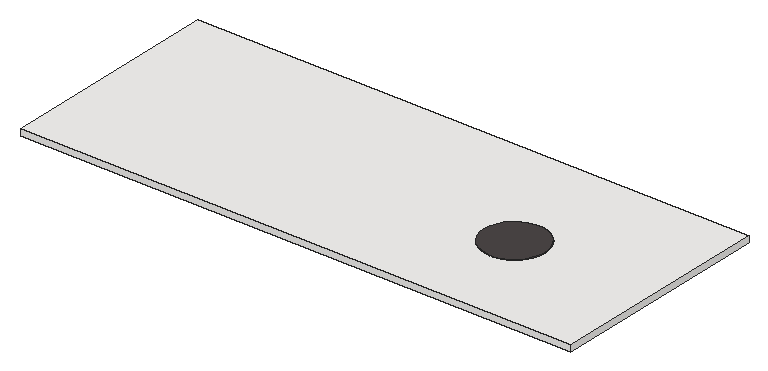
Revit family "console with cutout for bowl without tap hole", category Furniture, Revit 2019 (continued)
Types (40, lengths in mm): name | WEIGHT | SURFACE | SPECIFICATION | PRODUCTURL | PERMALINK | NB | NAME | Model | MIdent | LODLEVEL | LL | LINA | L | GTINCODE | Console 980_550 with cutout in the middle for bowl without tap hole-54114910-DIAMOND_GREY-400_RX0RY0RZ0TX0TY0TZ0_V | Console 980_550 with cutout in the middle for bowl without tap hole-54114910-DIAMOND_GREY-200_RX0RY0RZ0TX0TY0TZ0_V | Console 980_550 with cutout in the middle for bowl without tap hole-54114630-DARK_WALNUT-400_RX0RY0RZ0TX0TY0TZ0_V | Console 980_550 with cutout in the middle for bowl without tap hole-54114630-DARK_WALNUT-200_RX0RY0RZ0TX0TY0TZ0_V | Console 980_550 with cutout in the middle for bowl without tap hole-54114230-NATURAL_OAK-400_RX0RY0RZ0TX0TY0TZ0_V | Console 980_550 with cutout in the middle for bowl without tap hole-54114230-NATURAL_OAK-200_RX0RY0RZ0TX0TY0TZ0_V | Console 980_550 with cutout in the middle for bowl without tap hole-54114050-GLOSSY_WHITE-400_RX0RY0RZ0TX0TY0TZ0_V | Console 980_550 with cutout in the middle for bowl without tap hole-54114050-GLOSSY_WHITE-200_RX0RY0RZ0TX0TY0TZ0_V | Console 780_550 with cutout in the middle for bowl without tap hole-54113910-DIAMOND_GREY-400_RX0RY0RZ0TX0TY0TZ0_V | Console 780_550 with cutout in the middle for bowl without tap hole-54113910-DIAMOND_GREY-200_RX0RY0RZ0TX0TY0TZ0_V | Console 780_550 with cutout in the middle for bowl without tap hole-54113630-DARK_WALNUT-400_RX0RY0RZ0TX0TY0TZ0_V | Console 780_550 with cutout in the middle for bowl without tap hole-54113630-DARK_WALNUT-200_RX0RY0RZ0TX0TY0TZ0_V | Console 780_550 with cutout in the middle for bowl without tap hole-54113230-NATURAL_OAK-400_RX0RY0RZ0TX0TY0TZ0_V | Console 780_550 with cutout in the middle for bowl without tap hole-54113230-NATURAL_OAK-200_RX0RY0RZ0TX0TY0TZ0_V | Console 780_550 with cutout in the middle for bowl without tap hole-54113050-GLOSSY_WHITE-400_RX0RY0RZ0TX0TY0TZ0_V | Console 780_550 with cutout in the middle for bowl without tap hole-54113050-GLOSSY_WHITE-200_RX0RY0RZ0TX0TY0TZ0_V | Console 1360_550 with cutout right for bowl without tap hole-54117910-DIAMOND_GREY-400_RX0RY0RZ0TX0TY0TZ0_V | Console 1360_550 with cutout right for bowl without tap hole-54117910-DIAMOND_GREY-200_RX0RY0RZ0TX0TY0TZ0_V | Console 1360_550 with cutout right for bowl without tap hole-54117630-DARK_WALNUT-400_RX0RY0RZ0TX0TY0TZ0_V | Console 1360_550 with cutout right for bowl without tap hole-54117630-DARK_WALNUT-200_RX0RY0RZ0TX0TY0TZ0_V | Console 1360_550 with cutout right for bowl without tap hole-54117230-NATURAL_OAK-400_RX0RY0RZ0TX0TY0TZ0_V | Console 1360_550 with cutout right for bowl without tap hole-54117230-NATURAL_OAK-200_RX0RY0RZ0TX0TY0TZ0_V | Console 1360_550 with cutout right for bowl without tap hole-54117050-GLOSSY_WHITE-400_RX0RY0RZ0TX0TY0TZ0_V | Console 1360_550 with cutout right for bowl without tap hole-54117050-GLOSSY_WHITE-200_RX0RY0RZ0TX0TY0TZ0_V | Console 1360_550 with cutout left for bowl without tap hole-54116910-DIAMOND_GREY-400_RX0RY0RZ0TX0TY0TZ0_V | Console 1360_550 with cutout left for bowl without tap hole-54116910-DIAMOND_GREY-200_RX0RY0RZ0TX0TY0TZ0_V | Console 1360_550 with cutout left for bowl without tap hole-54116630-DARK_WALNUT-400_RX0RY0RZ0TX0TY0TZ0_V | Console 1360_550 with cutout left for bowl without tap hole-54116630-DARK_WALNUT-200_RX0RY0RZ0TX0TY0TZ0_V | Console 1360_550 with cutout left for bowl without tap hole-54116230-NATURAL_OAK-400_RX0RY0RZ0TX0TY0TZ0_V | Console 1360_550 with cutout left for bowl without tap hole-54116230-NATURAL_OAK-200_RX0RY0RZ0TX0TY0TZ0_V | Console 1360_550 with cutout left for bowl without tap hole-54116050-GLOSSY_WHITE-400_RX0RY0RZ0TX0TY0TZ0_V | Console 1360_550 with cutout left for bowl without tap hole-54116050-GLOSSY_WHITE-200_RX0RY0RZ0TX0TY0TZ0_V | Console 1180_550 with cutout in the middle for bowl without tap hole-54115910-DIAMOND_GREY-400_RX0RY0RZ0TX0TY0TZ0_V | Console 1180_550 with cutout in the middle for bowl without tap hole-54115910-DIAMOND_GREY-200_RX0RY0RZ0TX0TY0TZ0_V | Console 1180_550 with cutout in the middle for bowl without tap hole-54115630-DARK_WALNUT-400_RX0RY0RZ0TX0TY0TZ0_V | Console 1180_550 with cutout in the middle for bowl without tap hole-54115630-DARK_WALNUT-200_RX0RY0RZ0TX0TY0TZ0_V | Console 1180_550 with cutout in the middle for bowl without tap hole-54115230-NATURAL_OAK-400_RX0RY0RZ0TX0TY0TZ0_V | Console 1180_550 with cutout in the middle for bowl without tap hole-54115230-NATURAL_OAK-200_RX0RY0RZ0TX0TY0TZ0_V | Console 1180_550 with cutout in the middle for bowl without tap hole-54115050-GLOSSY_WHITE-400_RX0RY0RZ0TX0TY0TZ0_V | Console 1180_550 with cutout in the middle for bowl without tap hole-54115050-GLOSSY_WHITE-200_RX0RY0RZ0TX0TY0TZ0_V | BASENUMBER | ARTNR
  Console 1180_550 with cutout in the middle for bowl without tap hole-54115630-DARK_WALNUT-400 | "14.5" | "DARK_WALNUT" | "Surfaces:    - 54115050 High Gloss White  - 54115910 Diamond Matt Grey  - 54115230 Natural Oak  - 54115630 Dark Walnut      Specification:" | "https://pro.hansgrohe.com/articledetail--54115050" | "54115XXX" | "Console 1180/550 with cutout in the middle for bowl without tap hole-54115630-DARK_WALNUT-400" | "Xelu Q Console 1180/550 with cutout in the middle for bowl without tap hole" | "Console 1180/550 with cutout in the middle for bowl without tap hole-54115630-DARK_WALNUT-400" | "{$CADENAS_DATA/23d-libs/hansgrohe/xelu_furniture/console_with_cutout_for_bowl_without_tap_hole/console_with_cutout_for_bowl_without_taphole.prj},373 {VTYP=3D},{NB=Console 1180/550 with cutout in the middle for bowl without tap hole-54115630-DARK_WALNUT-400},{LINA=Console 1180/550 with cutout in the middle for bowl without tap hole-54115630-DARK_WALNUT-400},{NN=Console with cutout for bowl without tap hole},{DATE=10.03.2023 08:15:20},{GEOMDATE=08.03.2023 13:19:56},{VERSION=},{LINEID=90},{WBVAR=LODLEVEL},{WBNUMERIC=}  {NB=Console 1180/550 with cutout in the middle for bowl without tap hole-54115630-DARK_WALNUT-400},{LINA=Console 1180/550 with cutout in the middle for bowl without tap hole-54115630-DARK_WALNUT-400},{KT=DUMMY},{IDNR=9},{ARTNR=54115630},{BASENUMBER=Console 1180/550 with cutout in the middle for bowl without tap hole},{MODEL=54115XXX},{SURFACE=DARK_WALNUT},{L=1180},{LODLEVEL=400},{LODLEVELX='400','400','200','200'},{R=75},{LL=590},{NAME=Xelu Q Console 1180/550 with cutout in the middle for bowl without tap hole},{PERMALINK=54115XXX},{OBJECTTYPE=Object (single object)},{BIMOBJECT=Sanitary: Compound units },{PRODUCTFAMILY=Xelu Q},{PRODUCTGROUP=console},{WEIGHT=14.5},{DESCRIPTION=Xelu Q Console 1180/550 with cutout in the middle for bowl without tap hole},{SPECIFICATION=Surfaces:    - 54115050 High Gloss White  - 54115910 Diamond Matt Grey  - 54115230 Natural Oak  - 54115630 Dark Walnut      Specification:},{PRODUCTURL=https://pro.hansgrohe.com/articledetail--54115050},{GTINCODE=4059625457450},{TENDERURL=},{IFC=Furnishing element},{ETIM=EC011381 | Bathroom furniture set},{UNICLASS2015=Pr_40_20_76_94 | Vanity units},{OMNICLASS=23-19 31 17 11 | Bathroom Units},{MASTERFORMAT=12 35 30.23 | Bathroom Casework},{UNSPSC=56 | Furniture and Furnishings},{UNIFORMATII=E2010 | Fixed Furnishings},{REGIONSET=Worldwide},{DESIGN=Germany},{MANUFACTURER=Germany}" | "400" | 590 | "Console 1180/550 with cutout in the middle for bowl without tap hole-54115630-DARK_WALNUT-400" | 1180 | "4059625457450" | no | no | no | no | no | no | no | no | no | no | no | no | no | no | no | no | no | no | no | no | no | no | no | no | no | no | no | no | no | no | no | no | no | no | yes | no | no | no | no | no | "Console 1180/550 with cutout in the middle for bowl without tap hole" | "54115630"
  Console 1180_550 with cutout in the middle for bowl without tap hole-54115910-DIAMOND_GREY-200 | "14.5" | "DIAMOND_GREY" | "Surfaces:    - 54115050 High Gloss White  - 54115910 Diamond Matt Grey  - 54115230 Natural Oak  - 54115630 Dark Walnut      Specification:" | "https://pro.hansgrohe.com/articledetail--54115050" | "54115XXX" | "Console 1180/550 with cutout in the middle for bowl without tap hole-54115910-DIAMOND_GREY-200" | "Xelu Q Console 1180/550 with cutout in the middle for bowl without tap hole" | "Console 1180/550 with cutout in the middle for bowl without tap hole-54115910-DIAMOND_GREY-200" | "{$CADENAS_DATA/23d-libs/hansgrohe/xelu_furniture/console_with_cutout_for_bowl_without_tap_hole/console_with_cutout_for_bowl_without_taphole.prj},376 {VTYP=3D},{NB=Console 1180/550 with cutout in the middle for bowl without tap hole-54115910-DIAMOND_GREY-200},{LINA=Console 1180/550 with cutout in the middle for bowl without tap hole-54115910-DIAMOND_GREY-200},{NN=Console with cutout for bowl without tap hole},{DATE=10.03.2023 08:15:20},{GEOMDATE=08.03.2023 13:19:56},{VERSION=},{LINEID=110},{WBVAR=LODLEVEL},{WBNUMERIC=}  {NB=Console 1180/550 with cutout in the middle for bowl without tap hole-54115910-DIAMOND_GREY-200},{LINA=Console 1180/550 with cutout in the middle for bowl without tap hole-54115910-DIAMOND_GREY-200},{KT=DUMMY},{IDNR=11},{ARTNR=54115910},{BASENUMBER=Console 1180/550 with cutout in the middle for bowl without tap hole},{MODEL=54115XXX},{SURFACE=DIAMOND_GREY},{L=1180},{LODLEVEL=200},{LODLEVELX='400','400','200','200'},{R=75},{LL=590},{NAME=Xelu Q Console 1180/550 with cutout in the middle for bowl without tap hole},{PERMALINK=54115XXX},{OBJECTTYPE=Object (single object)},{BIMOBJECT=Sanitary: Compound units },{PRODUCTFAMILY=Xelu Q},{PRODUCTGROUP=console},{WEIGHT=14.5},{DESCRIPTION=Xelu Q Console 1180/550 with cutout in the middle for bowl without tap hole},{SPECIFICATION=Surfaces:    - 54115050 High Gloss White  - 54115910 Diamond Matt Grey  - 54115230 Natural Oak  - 54115630 Dark Walnut      Specification:},{PRODUCTURL=https://pro.hansgrohe.com/articledetail--54115050},{GTINCODE=4059625457450},{TENDERURL=},{IFC=Furnishing element},{ETIM=EC011381 | Bathroom furniture set},{UNICLASS2015=Pr_40_20_76_94 | Vanity units},{OMNICLASS=23-19 31 17 11 | Bathroom Units},{MASTERFORMAT=12 35 30.23 | Bathroom Casework},{UNSPSC=56 | Furniture and Furnishings},{UNIFORMATII=E2010 | Fixed Furnishings},{REGIONSET=Worldwide},{DESIGN=Germany},{MANUFACTURER=Germany}" | "200" | 590 | "Console 1180/550 with cutout in the middle for bowl without tap hole-54115910-DIAMOND_GREY-200" | 1180 | "4059625457450" | no | no | no | no | no | no | no | no | no | no | no | no | no | no | no | no | no | no | no | no | no | no | no | no | no | no | no | no | no | no | no | no | no | yes | no | no | no | no | no | no | "Console 1180/550 with cutout in the middle for bowl without tap hole" | "54115910"
  Console 1180_550 with cutout in the middle for bowl without tap hole-54115910-DIAMOND_GREY-400 | "14.5" | "DIAMOND_GREY" | "Surfaces:    - 54115050 High Gloss White  - 54115910 Diamond Matt Grey  - 54115230 Natural Oak  - 54115630 Dark Walnut      Specification:" | "https://pro.hansgrohe.com/articledetail--54115050" | "54115XXX" | "Console 1180/550 with cutout in the middle for bowl without tap hole-54115910-DIAMOND_GREY-400" | "Xelu Q Console 1180/550 with cutout in the middle for bowl without tap hole" | "Console 1180/550 with cutout in the middle for bowl without tap hole-54115910-DIAMOND_GREY-400" | "{$CADENAS_DATA/23d-libs/hansgrohe/xelu_furniture/console_with_cutout_for_bowl_without_tap_hole/console_with_cutout_for_bowl_without_taphole.prj},376 {VTYP=3D},{NB=Console 1180/550 with cutout in the middle for bowl without tap hole-54115910-DIAMOND_GREY-400},{LINA=Console 1180/550 with cutout in the middle for bowl without tap hole-54115910-DIAMOND_GREY-400},{NN=Console with cutout for bowl without tap hole},{DATE=10.03.2023 08:15:20},{GEOMDATE=08.03.2023 13:19:56},{VERSION=},{LINEID=110},{WBVAR=LODLEVEL},{WBNUMERIC=}  {NB=Console 1180/550 with cutout in the middle for bowl without tap hole-54115910-DIAMOND_GREY-400},{LINA=Console 1180/550 with cutout in the middle for bowl without tap hole-54115910-DIAMOND_GREY-400},{KT=DUMMY},{IDNR=11},{ARTNR=54115910},{BASENUMBER=Console 1180/550 with cutout in the middle for bowl without tap hole},{MODEL=54115XXX},{SURFACE=DIAMOND_GREY},{L=1180},{LODLEVEL=400},{LODLEVELX='400','400','200','200'},{R=75},{LL=590},{NAME=Xelu Q Console 1180/550 with cutout in the middle for bowl without tap hole},{PERMALINK=54115XXX},{OBJECTTYPE=Object (single object)},{BIMOBJECT=Sanitary: Compound units },{PRODUCTFAMILY=Xelu Q},{PRODUCTGROUP=console},{WEIGHT=14.5},{DESCRIPTION=Xelu Q Console 1180/550 with cutout in the middle for bowl without tap hole},{SPECIFICATION=Surfaces:    - 54115050 High Gloss White  - 54115910 Diamond Matt Grey  - 54115230 Natural Oak  - 54115630 Dark Walnut      Specification:},{PRODUCTURL=https://pro.hansgrohe.com/articledetail--54115050},{GTINCODE=4059625457450},{TENDERURL=},{IFC=Furnishing element},{ETIM=EC011381 | Bathroom furniture set},{UNICLASS2015=Pr_40_20_76_94 | Vanity units},{OMNICLASS=23-19 31 17 11 | Bathroom Units},{MASTERFORMAT=12 35 30.23 | Bathroom Casework},{UNSPSC=56 | Furniture and Furnishings},{UNIFORMATII=E2010 | Fixed Furnishings},{REGIONSET=Worldwide},{DESIGN=Germany},{MANUFACTURER=Germany}" | "400" | 590 | "Console 1180/550 with cutout in the middle for bowl without tap hole-54115910-DIAMOND_GREY-400" | 1180 | "4059625457450" | no | no | no | no | no | no | no | no | no | no | no | no | no | no | no | no | no | no | no | no | no | no | no | no | no | no | no | no | no | no | no | no | yes | no | no | no | no | no | no | no | "Console 1180/550 with cutout in the middle for bowl without tap hole" | "54115910"
  Console 1360_550 with cutout left for bowl without tap hole-54116050-GLOSSY_WHITE-200 | "12.2" | "GLOSSY_WHITE" | "Surfaces:    - 54116050 High Gloss White  - 54116910 Diamond Matt Grey  - 54116230 Natural Oak  - 54116630 Dark Walnut      Specification:" | "https://pro.hansgrohe.com/articledetail--54116050" | "54116XXX" | "Console 1360/550 with cutout left for bowl without tap hole-54116050-GLOSSY_WHITE-200" | "Xelu Q Console 1360/550 with cutout left for bowl without tap hole" | "Console 1360/550 with cutout left for bowl without tap hole-54116050-GLOSSY_WHITE-200" | "{$CADENAS_DATA/23d-libs/hansgrohe/xelu_furniture/console_with_cutout_for_bowl_without_tap_hole/console_with_cutout_for_bowl_without_taphole.prj},358 {VTYP=3D},{NB=Console 1360/550 with cutout left for bowl without tap hole-54116050-GLOSSY_WHITE-200},{LINA=Console 1360/550 with cutout left for bowl without tap hole-54116050-GLOSSY_WHITE-200},{NN=Console with cutout for bowl without tap hole},{DATE=10.03.2023 08:15:20},{GEOMDATE=08.03.2023 13:19:56},{VERSION=},{LINEID=160},{WBVAR=LODLEVEL},{WBNUMERIC=}  {NB=Console 1360/550 with cutout left for bowl without tap hole-54116050-GLOSSY_WHITE-200},{LINA=Console 1360/550 with cutout left for bowl without tap hole-54116050-GLOSSY_WHITE-200},{KT=DUMMY},{IDNR=16},{ARTNR=54116050},{BASENUMBER=Console 1360/550 with cutout left for bowl without tap hole},{MODEL=54116XXX},{SURFACE=GLOSSY_WHITE},{L=1360},{LODLEVEL=200},{LODLEVELX='400','400','200','200'},{R=75},{LL=340},{NAME=Xelu Q Console 1360/550 with cutout left for bowl without tap hole},{PERMALINK=54116XXX},{OBJECTTYPE=Object (single object)},{BIMOBJECT=Sanitary: Compound units },{PRODUCTFAMILY=Xelu Q},{PRODUCTGROUP=console},{WEIGHT=12.2},{DESCRIPTION=Xelu Q Console 1360/550 with cutout left for bowl without tap hole},{SPECIFICATION=Surfaces:    - 54116050 High Gloss White  - 54116910 Diamond Matt Grey  - 54116230 Natural Oak  - 54116630 Dark Walnut      Specification:},{PRODUCTURL=https://pro.hansgrohe.com/articledetail--54116050},{GTINCODE=4059625457818},{TENDERURL=},{IFC=Furnishing element},{ETIM=EC011381 | Bathroom furniture set},{UNICLASS2015=Pr_40_20_76_94 | Vanity units},{OMNICLASS=23-19 31 17 11 | Bathroom Units},{MASTERFORMAT=12 35 30.23 | Bathroom Casework},{UNSPSC=56 | Furniture and Furnishings},{UNIFORMATII=E2010 | Fixed Furnishings},{REGIONSET=Worldwide},{DESIGN=Germany},{MANUFACTURER=Germany}" | "200" | 340 | "Console 1360/550 with cutout left for bowl without tap hole-54116050-GLOSSY_WHITE-200" | 1360 | "4059625457818" | no | no | no | no | no | no | no | no | no | no | no | no | no | no | no | no | no | no | no | no | no | no | no | no | no | no | no | no | no | no | no | yes | no | no | no | no | no | no | no | no | "Console 1360/550 with cutout left for bowl without tap hole" | "54116050"
  Console 1360_550 with cutout left for bowl without tap hole-54116050-GLOSSY_WHITE-400 | "12.2" | "GLOSSY_WHITE" | "Surfaces:    - 54116050 High Gloss White  - 54116910 Diamond Matt Grey  - 54116230 Natural Oak  - 54116630 Dark Walnut      Specification:" | "https://pro.hansgrohe.com/articledetail--54116050" | "54116XXX" | "Console 1360/550 with cutout left for bowl without tap hole-54116050-GLOSSY_WHITE-400" | "Xelu Q Console 1360/550 with cutout left for bowl without tap hole" | "Console 1360/550 with cutout left for bowl without tap hole-54116050-GLOSSY_WHITE-400" | "{$CADENAS_DATA/23d-libs/hansgrohe/xelu_furniture/console_with_cutout_for_bowl_without_tap_hole/console_with_cutout_for_bowl_without_taphole.prj},358 {VTYP=3D},{NB=Console 1360/550 with cutout left for bowl without tap hole-54116050-GLOSSY_WHITE-400},{LINA=Console 1360/550 with cutout left for bowl without tap hole-54116050-GLOSSY_WHITE-400},{NN=Console with cutout for bowl without tap hole},{DATE=10.03.2023 08:15:20},{GEOMDATE=08.03.2023 13:19:56},{VERSION=},{LINEID=160},{WBVAR=LODLEVEL},{WBNUMERIC=}  {NB=Console 1360/550 with cutout left for bowl without tap hole-54116050-GLOSSY_WHITE-400},{LINA=Console 1360/550 with cutout left for bowl without tap hole-54116050-GLOSSY_WHITE-400},{KT=DUMMY},{IDNR=16},{ARTNR=54116050},{BASENUMBER=Console 1360/550 with cutout left for bowl without tap hole},{MODEL=54116XXX},{SURFACE=GLOSSY_WHITE},{L=1360},{LODLEVEL=400},{LODLEVELX='400','400','200','200'},{R=75},{LL=340},{NAME=Xelu Q Console 1360/550 with cutout left for bowl without tap hole},{PERMALINK=54116XXX},{OBJECTTYPE=Object (single object)},{BIMOBJECT=Sanitary: Compound units },{PRODUCTFAMILY=Xelu Q},{PRODUCTGROUP=console},{WEIGHT=12.2},{DESCRIPTION=Xelu Q Console 1360/550 with cutout left for bowl without tap hole},{SPECIFICATION=Surfaces:    - 54116050 High Gloss White  - 54116910 Diamond Matt Grey  - 54116230 Natural Oak  - 54116630 Dark Walnut      Specification:},{PRODUCTURL=https://pro.hansgrohe.com/articledetail--54116050},{GTINCODE=4059625457818},{TENDERURL=},{IFC=Furnishing element},{ETIM=EC011381 | Bathroom furniture set},{UNICLASS2015=Pr_40_20_76_94 | Vanity units},{OMNICLASS=23-19 31 17 11 | Bathroom Units},{MASTERFORMAT=12 35 30.23 | Bathroom Casework},{UNSPSC=56 | Furniture and Furnishings},{UNIFORMATII=E2010 | Fixed Furnishings},{REGIONSET=Worldwide},{DESIGN=Germany},{MANUFACTURER=Germany}" | "400" | 340 | "Console 1360/550 with cutout left for bowl without tap hole-54116050-GLOSSY_WHITE-400" | 1360 | "4059625457818" | no | no | no | no | no | no | no | no | no | no | no | no | no | no | no | no | no | no | no | no | no | no | no | no | no | no | no | no | no | no | yes | no | no | no | no | no | no | no | no | no | "Console 1360/550 with cutout left for bowl without tap hole" | "54116050"
  Console 1360_550 with cutout left for bowl without tap hole-54116230-NATURAL_OAK-200 | "12.2" | "NATURAL_OAK" | "Surfaces:    - 54116050 High Gloss White  - 54116910 Diamond Matt Grey  - 54116230 Natural Oak  - 54116630 Dark Walnut      Specification:" | "https://pro.hansgrohe.com/articledetail--54116050" | "54116XXX" | "Console 1360/550 with cutout left for bowl without tap hole-54116230-NATURAL_OAK-200" | "Xelu Q Console 1360/550 with cutout left for bowl without tap hole" | "Console 1360/550 with cutout left for bowl without tap hole-54116230-NATURAL_OAK-200" | "{$CADENAS_DATA/23d-libs/hansgrohe/xelu_furniture/console_with_cutout_for_bowl_without_tap_hole/console_with_cutout_for_bowl_without_taphole.prj},356 {VTYP=3D},{NB=Console 1360/550 with cutout left for bowl without tap hole-54116230-NATURAL_OAK-200},{LINA=Console 1360/550 with cutout left for bowl without tap hole-54116230-NATURAL_OAK-200},{NN=Console with cutout for bowl without tap hole},{DATE=10.03.2023 08:15:20},{GEOMDATE=08.03.2023 13:19:56},{VERSION=},{LINEID=150},{WBVAR=LODLEVEL},{WBNUMERIC=}  {NB=Console 1360/550 with cutout left for bowl without tap hole-54116230-NATURAL_OAK-200},{LINA=Console 1360/550 with cutout left for bowl without tap hole-54116230-NATURAL_OAK-200},{KT=DUMMY},{IDNR=15},{ARTNR=54116230},{BASENUMBER=Console 1360/550 with cutout left for bowl without tap hole},{MODEL=54116XXX},{SURFACE=NATURAL_OAK},{L=1360},{LODLEVEL=200},{LODLEVELX='400','400','200','200'},{R=75},{LL=340},{NAME=Xelu Q Console 1360/550 with cutout left for bowl without tap hole},{PERMALINK=54116XXX},{OBJECTTYPE=Object (single object)},{BIMOBJECT=Sanitary: Compound units },{PRODUCTFAMILY=Xelu Q},{PRODUCTGROUP=console},{WEIGHT=12.2},{DESCRIPTION=Xelu Q Console 1360/550 with cutout left for bowl without tap hole},{SPECIFICATION=Surfaces:    - 54116050 High Gloss White  - 54116910 Diamond Matt Grey  - 54116230 Natural Oak  - 54116630 Dark Walnut      Specification:},{PRODUCTURL=https://pro.hansgrohe.com/articledetail--54116050},{GTINCODE=4059625457818},{TENDERURL=},{IFC=Furnishing element},{ETIM=EC011381 | Bathroom furniture set},{UNICLASS2015=Pr_40_20_76_94 | Vanity units},{OMNICLASS=23-19 31 17 11 | Bathroom Units},{MASTERFORMAT=12 35 30.23 | Bathroom Casework},{UNSPSC=56 | Furniture and Furnishings},{UNIFORMATII=E2010 | Fixed Furnishings},{REGIONSET=Worldwide},{DESIGN=Germany},{MANUFACTURER=Germany}" | "200" | 340 | "Console 1360/550 with cutout left for bowl without tap hole-54116230-NATURAL_OAK-200" | 1360 | "4059625457818" | no | no | no | no | no | no | no | no | no | no | no | no | no | no | no | no | no | no | no | no | no | no | no | no | no | no | no | no | no | yes | no | no | no | no | no | no | no | no | no | no | "Console 1360/550 with cutout left for bowl without tap hole" | "54116230"
  Console 1360_550 with cutout left for bowl without tap hole-54116230-NATURAL_OAK-400 | "12.2" | "NATURAL_OAK" | "Surfaces:    - 54116050 High Gloss White  - 54116910 Diamond Matt Grey  - 54116230 Natural Oak  - 54116630 Dark Walnut      Specification:" | "https://pro.hansgrohe.com/articledetail--54116050" | "54116XXX" | "Console 1360/550 with cutout left for bowl without tap hole-54116230-NATURAL_OAK-400" | "Xelu Q Console 1360/550 with cutout left for bowl without tap hole" | "Console 1360/550 with cutout left for bowl without tap hole-54116230-NATURAL_OAK-400" | "{$CADENAS_DATA/23d-libs/hansgrohe/xelu_furniture/console_with_cutout_for_bowl_without_tap_hole/console_with_cutout_for_bowl_without_taphole.prj},356 {VTYP=3D},{NB=Console 1360/550 with cutout left for bowl without tap hole-54116230-NATURAL_OAK-400},{LINA=Console 1360/550 with cutout left for bowl without tap hole-54116230-NATURAL_OAK-400},{NN=Console with cutout for bowl without tap hole},{DATE=10.03.2023 08:15:20},{GEOMDATE=08.03.2023 13:19:56},{VERSION=},{LINEID=150},{WBVAR=LODLEVEL},{WBNUMERIC=}  {NB=Console 1360/550 with cutout left for bowl without tap hole-54116230-NATURAL_OAK-400},{LINA=Console 1360/550 with cutout left for bowl without tap hole-54116230-NATURAL_OAK-400},{KT=DUMMY},{IDNR=15},{ARTNR=54116230},{BASENUMBER=Console 1360/550 with cutout left for bowl without tap hole},{MODEL=54116XXX},{SURFACE=NATURAL_OAK},{L=1360},{LODLEVEL=400},{LODLEVELX='400','400','200','200'},{R=75},{LL=340},{NAME=Xelu Q Console 1360/550 with cutout left for bowl without tap hole},{PERMALINK=54116XXX},{OBJECTTYPE=Object (single object)},{BIMOBJECT=Sanitary: Compound units },{PRODUCTFAMILY=Xelu Q},{PRODUCTGROUP=console},{WEIGHT=12.2},{DESCRIPTION=Xelu Q Console 1360/550 with cutout left for bowl without tap hole},{SPECIFICATION=Surfaces:    - 54116050 High Gloss White  - 54116910 Diamond Matt Grey  - 54116230 Natural Oak  - 54116630 Dark Walnut      Specification:},{PRODUCTURL=https://pro.hansgrohe.com/articledetail--54116050},{GTINCODE=4059625457818},{TENDERURL=},{IFC=Furnishing element},{ETIM=EC011381 | Bathroom furniture set},{UNICLASS2015=Pr_40_20_76_94 | Vanity units},{OMNICLASS=23-19 31 17 11 | Bathroom Units},{MASTERFORMAT=12 35 30.23 | Bathroom Casework},{UNSPSC=56 | Furniture and Furnishings},{UNIFORMATII=E2010 | Fixed Furnishings},{REGIONSET=Worldwide},{DESIGN=Germany},{MANUFACTURER=Germany}" | "400" | 340 | "Console 1360/550 with cutout left for bowl without tap hole-54116230-NATURAL_OAK-400" | 1360 | "4059625457818" | no | no | no | no | no | no | no | no | no | no | no | no | no | no | no | no | no | no | no | no | no | no | no | no | no | no | no | no | yes | no | no | no | no | no | no | no | no | no | no | no | "Console 1360/550 with cutout left for bowl without tap hole" | "54116230"
  Console 1360_550 with cutout left for bowl without tap hole-54116630-DARK_WALNUT-200 | "12.2" | "DARK_WALNUT" | "Surfaces:    - 54116050 High Gloss White  - 54116910 Diamond Matt Grey  - 54116230 Natural Oak  - 54116630 Dark Walnut      Specification:" | "https://pro.hansgrohe.com/articledetail--54116050" | "54116XXX" | "Console 1360/550 with cutout left for bowl without tap hole-54116630-DARK_WALNUT-200" | "Xelu Q Console 1360/550 with cutout left for bowl without tap hole" | "Console 1360/550 with cutout left for bowl without tap hole-54116630-DARK_WALNUT-200" | "{$CADENAS_DATA/23d-libs/hansgrohe/xelu_furniture/console_with_cutout_for_bowl_without_tap_hole/console_with_cutout_for_bowl_without_taphole.prj},356 {VTYP=3D},{NB=Console 1360/550 with cutout left for bowl without tap hole-54116630-DARK_WALNUT-200},{LINA=Console 1360/550 with cutout left for bowl without tap hole-54116630-DARK_WALNUT-200},{NN=Console with cutout for bowl without tap hole},{DATE=10.03.2023 08:15:20},{GEOMDATE=08.03.2023 13:19:56},{VERSION=},{LINEID=130},{WBVAR=LODLEVEL},{WBNUMERIC=}  {NB=Console 1360/550 with cutout left for bowl without tap hole-54116630-DARK_WALNUT-200},{LINA=Console 1360/550 with cutout left for bowl without tap hole-54116630-DARK_WALNUT-200},{KT=DUMMY},{IDNR=13},{ARTNR=54116630},{BASENUMBER=Console 1360/550 with cutout left for bowl without tap hole},{MODEL=54116XXX},{SURFACE=DARK_WALNUT},{L=1360},{LODLEVEL=200},{LODLEVELX='400','400','200','200'},{R=75},{LL=340},{NAME=Xelu Q Console 1360/550 with cutout left for bowl without tap hole},{PERMALINK=54116XXX},{OBJECTTYPE=Object (single object)},{BIMOBJECT=Sanitary: Compound units },{PRODUCTFAMILY=Xelu Q},{PRODUCTGROUP=console},{WEIGHT=12.2},{DESCRIPTION=Xelu Q Console 1360/550 with cutout left for bowl without tap hole},{SPECIFICATION=Surfaces:    - 54116050 High Gloss White  - 54116910 Diamond Matt Grey  - 54116230 Natural Oak  - 54116630 Dark Walnut      Specification:},{PRODUCTURL=https://pro.hansgrohe.com/articledetail--54116050},{GTINCODE=4059625457818},{TENDERURL=},{IFC=Furnishing element},{ETIM=EC011381 | Bathroom furniture set},{UNICLASS2015=Pr_40_20_76_94 | Vanity units},{OMNICLASS=23-19 31 17 11 | Bathroom Units},{MASTERFORMAT=12 35 30.23 | Bathroom Casework},{UNSPSC=56 | Furniture and Furnishings},{UNIFORMATII=E2010 | Fixed Furnishings},{REGIONSET=Worldwide},{DESIGN=Germany},{MANUFACTURER=Germany}" | "200" | 340 | "Console 1360/550 with cutout left for bowl without tap hole-54116630-DARK_WALNUT-200" | 1360 | "4059625457818" | no | no | no | no | no | no | no | no | no | no | no | no | no | no | no | no | no | no | no | no | no | no | no | no | no | no | no | yes | no | no | no | no | no | no | no | no | no | no | no | no | "Console 1360/550 with cutout left for bowl without tap hole" | "54116630"
  Console 1360_550 with cutout left for bowl without tap hole-54116630-DARK_WALNUT-400 | "12.2" | "DARK_WALNUT" | "Surfaces:    - 54116050 High Gloss White  - 54116910 Diamond Matt Grey  - 54116230 Natural Oak  - 54116630 Dark Walnut      Specification:" | "https://pro.hansgrohe.com/articledetail--54116050" | "54116XXX" | "Console 1360/550 with cutout left for bowl without tap hole-54116630-DARK_WALNUT-400" | "Xelu Q Console 1360/550 with cutout left for bowl without tap hole" | "Console 1360/550 with cutout left for bowl without tap hole-54116630-DARK_WALNUT-400" | "{$CADENAS_DATA/23d-libs/hansgrohe/xelu_furniture/console_with_cutout_for_bowl_without_tap_hole/console_with_cutout_for_bowl_without_taphole.prj},356 {VTYP=3D},{NB=Console 1360/550 with cutout left for bowl without tap hole-54116630-DARK_WALNUT-400},{LINA=Console 1360/550 with cutout left for bowl without tap hole-54116630-DARK_WALNUT-400},{NN=Console with cutout for bowl without tap hole},{DATE=10.03.2023 08:15:20},{GEOMDATE=08.03.2023 13:19:56},{VERSION=},{LINEID=130},{WBVAR=LODLEVEL},{WBNUMERIC=}  {NB=Console 1360/550 with cutout left for bowl without tap hole-54116630-DARK_WALNUT-400},{LINA=Console 1360/550 with cutout left for bowl without tap hole-54116630-DARK_WALNUT-400},{KT=DUMMY},{IDNR=13},{ARTNR=54116630},{BASENUMBER=Console 1360/550 with cutout left for bowl without tap hole},{MODEL=54116XXX},{SURFACE=DARK_WALNUT},{L=1360},{LODLEVEL=400},{LODLEVELX='400','400','200','200'},{R=75},{LL=340},{NAME=Xelu Q Console 1360/550 with cutout left for bowl without tap hole},{PERMALINK=54116XXX},{OBJECTTYPE=Object (single object)},{BIMOBJECT=Sanitary: Compound units },{PRODUCTFAMILY=Xelu Q},{PRODUCTGROUP=console},{WEIGHT=12.2},{DESCRIPTION=Xelu Q Console 1360/550 with cutout left for bowl without tap hole},{SPECIFICATION=Surfaces:    - 54116050 High Gloss White  - 54116910 Diamond Matt Grey  - 54116230 Natural Oak  - 54116630 Dark Walnut      Specification:},{PRODUCTURL=https://pro.hansgrohe.com/articledetail--54116050},{GTINCODE=4059625457818},{TENDERURL=},{IFC=Furnishing element},{ETIM=EC011381 | Bathroom furniture set},{UNICLASS2015=Pr_40_20_76_94 | Vanity units},{OMNICLASS=23-19 31 17 11 | Bathroom Units},{MASTERFORMAT=12 35 30.23 | Bathroom Casework},{UNSPSC=56 | Furniture and Furnishings},{UNIFORMATII=E2010 | Fixed Furnishings},{REGIONSET=Worldwide},{DESIGN=Germany},{MANUFACTURER=Germany}" | "400" | 340 | "Console 1360/550 with cutout left for bowl without tap hole-54116630-DARK_WALNUT-400" | 1360 | "4059625457818" | no | no | no | no | no | no | no | no | no | no | no | no | no | no | no | no | no | no | no | no | no | no | no | no | no | no | yes | no | no | no | no | no | no | no | no | no | no | no | no | no | "Console 1360/550 with cutout left for bowl without tap hole" | "54116630"
  Console 1360_550 with cutout left for bowl without tap hole-54116910-DIAMOND_GREY-200 | "12.2" | "DIAMOND_GREY" | "Surfaces:    - 54116050 High Gloss White  - 54116910 Diamond Matt Grey  - 54116230 Natural Oak  - 54116630 Dark Walnut      Specification:" | "https://pro.hansgrohe.com/articledetail--54116050" | "54116XXX" | "Console 1360/550 with cutout left for bowl without tap hole-54116910-DIAMOND_GREY-200" | "Xelu Q Console 1360/550 with cutout left for bowl without tap hole" | "Console 1360/550 with cutout left for bowl without tap hole-54116910-DIAMOND_GREY-200" | "{$CADENAS_DATA/23d-libs/hansgrohe/xelu_furniture/console_with_cutout_for_bowl_without_tap_hole/console_with_cutout_for_bowl_without_taphole.prj},358 {VTYP=3D},{NB=Console 1360/550 with cutout left for bowl without tap hole-54116910-DIAMOND_GREY-200},{LINA=Console 1360/550 with cutout left for bowl without tap hole-54116910-DIAMOND_GREY-200},{NN=Console with cutout for bowl without tap hole},{DATE=10.03.2023 08:15:20},{GEOMDATE=08.03.2023 13:19:56},{VERSION=},{LINEID=140},{WBVAR=LODLEVEL},{WBNUMERIC=}  {NB=Console 1360/550 with cutout left for bowl without tap hole-54116910-DIAMOND_GREY-200},{LINA=Console 1360/550 with cutout left for bowl without tap hole-54116910-DIAMOND_GREY-200},{KT=DUMMY},{IDNR=14},{ARTNR=54116910},{BASENUMBER=Console 1360/550 with cutout left for bowl without tap hole},{MODEL=54116XXX},{SURFACE=DIAMOND_GREY},{L=1360},{LODLEVEL=200},{LODLEVELX='400','400','200','200'},{R=75},{LL=340},{NAME=Xelu Q Console 1360/550 with cutout left for bowl without tap hole},{PERMALINK=54116XXX},{OBJECTTYPE=Object (single object)},{BIMOBJECT=Sanitary: Compound units },{PRODUCTFAMILY=Xelu Q},{PRODUCTGROUP=console},{WEIGHT=12.2},{DESCRIPTION=Xelu Q Console 1360/550 with cutout left for bowl without tap hole},{SPECIFICATION=Surfaces:    - 54116050 High Gloss White  - 54116910 Diamond Matt Grey  - 54116230 Natural Oak  - 54116630 Dark Walnut      Specification:},{PRODUCTURL=https://pro.hansgrohe.com/articledetail--54116050},{GTINCODE=4059625457818},{TENDERURL=},{IFC=Furnishing element},{ETIM=EC011381 | Bathroom furniture set},{UNICLASS2015=Pr_40_20_76_94 | Vanity units},{OMNICLASS=23-19 31 17 11 | Bathroom Units},{MASTERFORMAT=12 35 30.23 | Bathroom Casework},{UNSPSC=56 | Furniture and Furnishings},{UNIFORMATII=E2010 | Fixed Furnishings},{REGIONSET=Worldwide},{DESIGN=Germany},{MANUFACTURER=Germany}" | "200" | 340 | "Console 1360/550 with cutout left for bowl without tap hole-54116910-DIAMOND_GREY-200" | 1360 | "4059625457818" | no | no | no | no | no | no | no | no | no | no | no | no | no | no | no | no | no | no | no | no | no | no | no | no | no | yes | no | no | no | no | no | no | no | no | no | no | no | no | no | no | "Console 1360/550 with cutout left for bowl without tap hole" | "54116910"
  Console 1360_550 with cutout left for bowl without tap hole-54116910-DIAMOND_GREY-400 | "12.2" | "DIAMOND_GREY" | "Surfaces:    - 54116050 High Gloss White  - 54116910 Diamond Matt Grey  - 54116230 Natural Oak  - 54116630 Dark Walnut      Specification:" | "https://pro.hansgrohe.com/articledetail--54116050" | "54116XXX" | "Console 1360/550 with cutout left for bowl without tap hole-54116910-DIAMOND_GREY-400" | "Xelu Q Console 1360/550 with cutout left for bowl without tap hole" | "Console 1360/550 with cutout left for bowl without tap hole-54116910-DIAMOND_GREY-400" | "{$CADENAS_DATA/23d-libs/hansgrohe/xelu_furniture/console_with_cutout_for_bowl_without_tap_hole/console_with_cutout_for_bowl_without_taphole.prj},358 {VTYP=3D},{NB=Console 1360/550 with cutout left for bowl without tap hole-54116910-DIAMOND_GREY-400},{LINA=Console 1360/550 with cutout left for bowl without tap hole-54116910-DIAMOND_GREY-400},{NN=Console with cutout for bowl without tap hole},{DATE=10.03.2023 08:15:20},{GEOMDATE=08.03.2023 13:19:56},{VERSION=},{LINEID=140},{WBVAR=LODLEVEL},{WBNUMERIC=}  {NB=Console 1360/550 with cutout left for bowl without tap hole-54116910-DIAMOND_GREY-400},{LINA=Console 1360/550 with cutout left for bowl without tap hole-54116910-DIAMOND_GREY-400},{KT=DUMMY},{IDNR=14},{ARTNR=54116910},{BASENUMBER=Console 1360/550 with cutout left for bowl without tap hole},{MODEL=54116XXX},{SURFACE=DIAMOND_GREY},{L=1360},{LODLEVEL=400},{LODLEVELX='400','400','200','200'},{R=75},{LL=340},{NAME=Xelu Q Console 1360/550 with cutout left for bowl without tap hole},{PERMALINK=54116XXX},{OBJECTTYPE=Object (single object)},{BIMOBJECT=Sanitary: Compound units },{PRODUCTFAMILY=Xelu Q},{PRODUCTGROUP=console},{WEIGHT=12.2},{DESCRIPTION=Xelu Q Console 1360/550 with cutout left for bowl without tap hole},{SPECIFICATION=Surfaces:    - 54116050 High Gloss White  - 54116910 Diamond Matt Grey  - 54116230 Natural Oak  - 54116630 Dark Walnut      Specification:},{PRODUCTURL=https://pro.hansgrohe.com/articledetail--54116050},{GTINCODE=4059625457818},{TENDERURL=},{IFC=Furnishing element},{ETIM=EC011381 | Bathroom furniture set},{UNICLASS2015=Pr_40_20_76_94 | Vanity units},{OMNICLASS=23-19 31 17 11 | Bathroom Units},{MASTERFORMAT=12 35 30.23 | Bathroom Casework},{UNSPSC=56 | Furniture and Furnishings},{UNIFORMATII=E2010 | Fixed Furnishings},{REGIONSET=Worldwide},{DESIGN=Germany},{MANUFACTURER=Germany}" | "400" | 340 | "Console 1360/550 with cutout left for bowl without tap hole-54116910-DIAMOND_GREY-400" | 1360 | "4059625457818" | no | no | no | no | no | no | no | no | no | no | no | no | no | no | no | no | no | no | no | no | no | no | no | no | yes | no | no | no | no | no | no | no | no | no | no | no | no | no | no | no | "Console 1360/550 with cutout left for bowl without tap hole" | "54116910"
  Console 1360_550 with cutout right for bowl without tap hole-54117050-GLOSSY_WHITE-200 | "12.2" | "GLOSSY_WHITE" | "Surfaces:    - 54117050 High Gloss White  - 54117910 Diamond Matt Grey  - 54117230 Natural Oak  - 54117630 Dark Walnut      Specification:" | "https://pro.hansgrohe.com/articledetail--54117050" | "54117XXX" | "Console 1360/550 with cutout right for bowl without tap hole-54117050-GLOSSY_WHITE-200" | "Xelu Q Console 1360/550 with cutout right for bowl without tap hole" | "Console 1360/550 with cutout right for bowl without tap hole-54117050-GLOSSY_WHITE-200" | "{$CADENAS_DATA/23d-libs/hansgrohe/xelu_furniture/console_with_cutout_for_bowl_without_tap_hole/console_with_cutout_for_bowl_without_taphole.prj},360 {VTYP=3D},{NB=Console 1360/550 with cutout right for bowl without tap hole-54117050-GLOSSY_WHITE-200},{LINA=Console 1360/550 with cutout right for bowl without tap hole-54117050-GLOSSY_WHITE-200},{NN=Console with cutout for bowl without tap hole},{DATE=10.03.2023 08:15:20},{GEOMDATE=08.03.2023 13:19:56},{VERSION=},{LINEID=180},{WBVAR=LODLEVEL},{WBNUMERIC=}  {NB=Console 1360/550 with cutout right for bowl without tap hole-54117050-GLOSSY_WHITE-200},{LINA=Console 1360/550 with cutout right for bowl without tap hole-54117050-GLOSSY_WHITE-200},{KT=DUMMY},{IDNR=18},{ARTNR=54117050},{BASENUMBER=Console 1360/550 with cutout right for bowl without tap hole},{MODEL=54117XXX},{SURFACE=GLOSSY_WHITE},{L=1360},{LODLEVEL=200},{LODLEVELX='400','400','200','200'},{R=75},{LL=1020},{NAME=Xelu Q Console 1360/550 with cutout right for bowl without tap hole},{PERMALINK=54117XXX},{OBJECTTYPE=Object (single object)},{BIMOBJECT=Sanitary: Compound units },{PRODUCTFAMILY=Xelu Q},{PRODUCTGROUP=console},{WEIGHT=12.2},{DESCRIPTION=Xelu Q Console 1360/550 with cutout right for bowl without tap hole},{SPECIFICATION=Surfaces:    - 54117050 High Gloss White  - 54117910 Diamond Matt Grey  - 54117230 Natural Oak  - 54117630 Dark Walnut      Specification:},{PRODUCTURL=https://pro.hansgrohe.com/articledetail--54117050},{GTINCODE=4059625457771},{TENDERURL=},{IFC=Furnishing element},{ETIM=EC011381 | Bathroom furniture set},{UNICLASS2015=Pr_40_20_76_94 | Vanity units},{OMNICLASS=23-19 31 17 11 | Bathroom Units},{MASTERFORMAT=12 35 30.23 | Bathroom Casework},{UNSPSC=56 | Furniture and Furnishings},{UNIFORMATII=E2010 | Fixed Furnishings},{REGIONSET=Worldwide},{DESIGN=Germany},{MANUFACTURER=Germany}" | "200" | 1020 | "Console 1360/550 with cutout right for bowl without tap hole-54117050-GLOSSY_WHITE-200" | 1360 | "4059625457771" | no | no | no | no | no | no | no | no | no | no | no | no | no | no | no | no | no | no | no | no | no | no | no | yes | no | no | no | no | no | no | no | no | no | no | no | no | no | no | no | no | "Console 1360/550 with cutout right for bowl without tap hole" | "54117050"
  Console 1360_550 with cutout right for bowl without tap hole-54117050-GLOSSY_WHITE-400 | "12.2" | "GLOSSY_WHITE" | "Surfaces:    - 54117050 High Gloss White  - 54117910 Diamond Matt Grey  - 54117230 Natural Oak  - 54117630 Dark Walnut      Specification:" | "https://pro.hansgrohe.com/articledetail--54117050" | "54117XXX" | "Console 1360/550 with cutout right for bowl without tap hole-54117050-GLOSSY_WHITE-400" | "Xelu Q Console 1360/550 with cutout right for bowl without tap hole" | "Console 1360/550 with cutout right for bowl without tap hole-54117050-GLOSSY_WHITE-400" | "{$CADENAS_DATA/23d-libs/hansgrohe/xelu_furniture/console_with_cutout_for_bowl_without_tap_hole/console_with_cutout_for_bowl_without_taphole.prj},360 {VTYP=3D},{NB=Console 1360/550 with cutout right for bowl without tap hole-54117050-GLOSSY_WHITE-400},{LINA=Console 1360/550 with cutout right for bowl without tap hole-54117050-GLOSSY_WHITE-400},{NN=Console with cutout for bowl without tap hole},{DATE=10.03.2023 08:15:20},{GEOMDATE=08.03.2023 13:19:56},{VERSION=},{LINEID=180},{WBVAR=LODLEVEL},{WBNUMERIC=}  {NB=Console 1360/550 with cutout right for bowl without tap hole-54117050-GLOSSY_WHITE-400},{LINA=Console 1360/550 with cutout right for bowl without tap hole-54117050-GLOSSY_WHITE-400},{KT=DUMMY},{IDNR=18},{ARTNR=54117050},{BASENUMBER=Console 1360/550 with cutout right for bowl without tap hole},{MODEL=54117XXX},{SURFACE=GLOSSY_WHITE},{L=1360},{LODLEVEL=400},{LODLEVELX='400','400','200','200'},{R=75},{LL=1020},{NAME=Xelu Q Console 1360/550 with cutout right for bowl without tap hole},{PERMALINK=54117XXX},{OBJECTTYPE=Object (single object)},{BIMOBJECT=Sanitary: Compound units },{PRODUCTFAMILY=Xelu Q},{PRODUCTGROUP=console},{WEIGHT=12.2},{DESCRIPTION=Xelu Q Console 1360/550 with cutout right for bowl without tap hole},{SPECIFICATION=Surfaces:    - 54117050 High Gloss White  - 54117910 Diamond Matt Grey  - 54117230 Natural Oak  - 54117630 Dark Walnut      Specification:},{PRODUCTURL=https://pro.hansgrohe.com/articledetail--54117050},{GTINCODE=4059625457771},{TENDERURL=},{IFC=Furnishing element},{ETIM=EC011381 | Bathroom furniture set},{UNICLASS2015=Pr_40_20_76_94 | Vanity units},{OMNICLASS=23-19 31 17 11 | Bathroom Units},{MASTERFORMAT=12 35 30.23 | Bathroom Casework},{UNSPSC=56 | Furniture and Furnishings},{UNIFORMATII=E2010 | Fixed Furnishings},{REGIONSET=Worldwide},{DESIGN=Germany},{MANUFACTURER=Germany}" | "400" | 1020 | "Console 1360/550 with cutout right for bowl without tap hole-54117050-GLOSSY_WHITE-400" | 1360 | "4059625457771" | no | no | no | no | no | no | no | no | no | no | no | no | no | no | no | no | no | no | no | no | no | no | yes | no | no | no | no | no | no | no | no | no | no | no | no | no | no | no | no | no | "Console 1360/550 with cutout right for bowl without tap hole" | "54117050"
  Console 1360_550 with cutout right for bowl without tap hole-54117230-NATURAL_OAK-200 | "12.2" | "NATURAL_OAK" | "Surfaces:    - 54117050 High Gloss White  - 54117910 Diamond Matt Grey  - 54117230 Natural Oak  - 54117630 Dark Walnut      Specification:" | "https://pro.hansgrohe.com/articledetail--54117050" | "54117XXX" | "Console 1360/550 with cutout right for bowl without tap hole-54117230-NATURAL_OAK-200" | "Xelu Q Console 1360/550 with cutout right for bowl without tap hole" | "Console 1360/550 with cutout right for bowl without tap hole-54117230-NATURAL_OAK-200" | "{$CADENAS_DATA/23d-libs/hansgrohe/xelu_furniture/console_with_cutout_for_bowl_without_tap_hole/console_with_cutout_for_bowl_without_taphole.prj},358 {VTYP=3D},{NB=Console 1360/550 with cutout right for bowl without tap hole-54117230-NATURAL_OAK-200},{LINA=Console 1360/550 with cutout right for bowl without tap hole-54117230-NATURAL_OAK-200},{NN=Console with cutout for bowl without tap hole},{DATE=10.03.2023 08:15:20},{GEOMDATE=08.03.2023 13:19:56},{VERSION=},{LINEID=200},{WBVAR=LODLEVEL},{WBNUMERIC=}  {NB=Console 1360/550 with cutout right for bowl without tap hole-54117230-NATURAL_OAK-200},{LINA=Console 1360/550 with cutout right for bowl without tap hole-54117230-NATURAL_OAK-200},{KT=DUMMY},{IDNR=20},{ARTNR=54117230},{BASENUMBER=Console 1360/550 with cutout right for bowl without tap hole},{MODEL=54117XXX},{SURFACE=NATURAL_OAK},{L=1360},{LODLEVEL=200},{LODLEVELX='400','400','200','200'},{R=75},{LL=1020},{NAME=Xelu Q Console 1360/550 with cutout right for bowl without tap hole},{PERMALINK=54117XXX},{OBJECTTYPE=Object (single object)},{BIMOBJECT=Sanitary: Compound units },{PRODUCTFAMILY=Xelu Q},{PRODUCTGROUP=console},{WEIGHT=12.2},{DESCRIPTION=Xelu Q Console 1360/550 with cutout right for bowl without tap hole},{SPECIFICATION=Surfaces:    - 54117050 High Gloss White  - 54117910 Diamond Matt Grey  - 54117230 Natural Oak  - 54117630 Dark Walnut      Specification:},{PRODUCTURL=https://pro.hansgrohe.com/articledetail--54117050},{GTINCODE=4059625457771},{TENDERURL=},{IFC=Furnishing element},{ETIM=EC011381 | Bathroom furniture set},{UNICLASS2015=Pr_40_20_76_94 | Vanity units},{OMNICLASS=23-19 31 17 11 | Bathroom Units},{MASTERFORMAT=12 35 30.23 | Bathroom Casework},{UNSPSC=56 | Furniture and Furnishings},{UNIFORMATII=E2010 | Fixed Furnishings},{REGIONSET=Worldwide},{DESIGN=Germany},{MANUFACTURER=Germany}" | "200" | 1020 | "Console 1360/550 with cutout right for bowl without tap hole-54117230-NATURAL_OAK-200" | 1360 | "4059625457771" | no | no | no | no | no | no | no | no | no | no | no | no | no | no | no | no | no | no | no | no | no | yes | no | no | no | no | no | no | no | no | no | no | no | no | no | no | no | no | no | no | "Console 1360/550 with cutout right for bowl without tap hole" | "54117230"
  Console 1360_550 with cutout right for bowl without tap hole-54117230-NATURAL_OAK-400 | "12.2" | "NATURAL_OAK" | "Surfaces:    - 54117050 High Gloss White  - 54117910 Diamond Matt Grey  - 54117230 Natural Oak  - 54117630 Dark Walnut      Specification:" | "https://pro.hansgrohe.com/articledetail--54117050" | "54117XXX" | "Console 1360/550 with cutout right for bowl without tap hole-54117230-NATURAL_OAK-400" | "Xelu Q Console 1360/550 with cutout right for bowl without tap hole" | "Console 1360/550 with cutout right for bowl without tap hole-54117230-NATURAL_OAK-400" | "{$CADENAS_DATA/23d-libs/hansgrohe/xelu_furniture/console_with_cutout_for_bowl_without_tap_hole/console_with_cutout_for_bowl_without_taphole.prj},358 {VTYP=3D},{NB=Console 1360/550 with cutout right for bowl without tap hole-54117230-NATURAL_OAK-400},{LINA=Console 1360/550 with cutout right for bowl without tap hole-54117230-NATURAL_OAK-400},{NN=Console with cutout for bowl without tap hole},{DATE=10.03.2023 08:15:20},{GEOMDATE=08.03.2023 13:19:56},{VERSION=},{LINEID=200},{WBVAR=LODLEVEL},{WBNUMERIC=}  {NB=Console 1360/550 with cutout right for bowl without tap hole-54117230-NATURAL_OAK-400},{LINA=Console 1360/550 with cutout right for bowl without tap hole-54117230-NATURAL_OAK-400},{KT=DUMMY},{IDNR=20},{ARTNR=54117230},{BASENUMBER=Console 1360/550 with cutout right for bowl without tap hole},{MODEL=54117XXX},{SURFACE=NATURAL_OAK},{L=1360},{LODLEVEL=400},{LODLEVELX='400','400','200','200'},{R=75},{LL=1020},{NAME=Xelu Q Console 1360/550 with cutout right for bowl without tap hole},{PERMALINK=54117XXX},{OBJECTTYPE=Object (single object)},{BIMOBJECT=Sanitary: Compound units },{PRODUCTFAMILY=Xelu Q},{PRODUCTGROUP=console},{WEIGHT=12.2},{DESCRIPTION=Xelu Q Console 1360/550 with cutout right for bowl without tap hole},{SPECIFICATION=Surfaces:    - 54117050 High Gloss White  - 54117910 Diamond Matt Grey  - 54117230 Natural Oak  - 54117630 Dark Walnut      Specification:},{PRODUCTURL=https://pro.hansgrohe.com/articledetail--54117050},{GTINCODE=4059625457771},{TENDERURL=},{IFC=Furnishing element},{ETIM=EC011381 | Bathroom furniture set},{UNICLASS2015=Pr_40_20_76_94 | Vanity units},{OMNICLASS=23-19 31 17 11 | Bathroom Units},{MASTERFORMAT=12 35 30.23 | Bathroom Casework},{UNSPSC=56 | Furniture and Furnishings},{UNIFORMATII=E2010 | Fixed Furnishings},{REGIONSET=Worldwide},{DESIGN=Germany},{MANUFACTURER=Germany}" | "400" | 1020 | "Console 1360/550 with cutout right for bowl without tap hole-54117230-NATURAL_OAK-400" | 1360 | "4059625457771" | no | no | no | no | no | no | no | no | no | no | no | no | no | no | no | no | no | no | no | no | yes | no | no | no | no | no | no | no | no | no | no | no | no | no | no | no | no | no | no | no | "Console 1360/550 with cutout right for bowl without tap hole" | "54117230"
  Console 1360_550 with cutout right for bowl without tap hole-54117630-DARK_WALNUT-200 | "12.2" | "DARK_WALNUT" | "Surfaces:    - 54117050 High Gloss White  - 54117910 Diamond Matt Grey  - 54117230 Natural Oak  - 54117630 Dark Walnut      Specification:" | "https://pro.hansgrohe.com/articledetail--54117050" | "54117XXX" | "Console 1360/550 with cutout right for bowl without tap hole-54117630-DARK_WALNUT-200" | "Xelu Q Console 1360/550 with cutout right for bowl without tap hole" | "Console 1360/550 with cutout right for bowl without tap hole-54117630-DARK_WALNUT-200" | "{$CADENAS_DATA/23d-libs/hansgrohe/xelu_furniture/console_with_cutout_for_bowl_without_tap_hole/console_with_cutout_for_bowl_without_taphole.prj},358 {VTYP=3D},{NB=Console 1360/550 with cutout right for bowl without tap hole-54117630-DARK_WALNUT-200},{LINA=Console 1360/550 with cutout right for bowl without tap hole-54117630-DARK_WALNUT-200},{NN=Console with cutout for bowl without tap hole},{DATE=10.03.2023 08:15:20},{GEOMDATE=08.03.2023 13:19:56},{VERSION=},{LINEID=190},{WBVAR=LODLEVEL},{WBNUMERIC=}  {NB=Console 1360/550 with cutout right for bowl without tap hole-54117630-DARK_WALNUT-200},{LINA=Console 1360/550 with cutout right for bowl without tap hole-54117630-DARK_WALNUT-200},{KT=DUMMY},{IDNR=19},{ARTNR=54117630},{BASENUMBER=Console 1360/550 with cutout right for bowl without tap hole},{MODEL=54117XXX},{SURFACE=DARK_WALNUT},{L=1360},{LODLEVEL=200},{LODLEVELX='400','400','200','200'},{R=75},{LL=1020},{NAME=Xelu Q Console 1360/550 with cutout right for bowl without tap hole},{PERMALINK=54117XXX},{OBJECTTYPE=Object (single object)},{BIMOBJECT=Sanitary: Compound units },{PRODUCTFAMILY=Xelu Q},{PRODUCTGROUP=console},{WEIGHT=12.2},{DESCRIPTION=Xelu Q Console 1360/550 with cutout right for bowl without tap hole},{SPECIFICATION=Surfaces:    - 54117050 High Gloss White  - 54117910 Diamond Matt Grey  - 54117230 Natural Oak  - 54117630 Dark Walnut      Specification:},{PRODUCTURL=https://pro.hansgrohe.com/articledetail--54117050},{GTINCODE=4059625457771},{TENDERURL=},{IFC=Furnishing element},{ETIM=EC011381 | Bathroom furniture set},{UNICLASS2015=Pr_40_20_76_94 | Vanity units},{OMNICLASS=23-19 31 17 11 | Bathroom Units},{MASTERFORMAT=12 35 30.23 | Bathroom Casework},{UNSPSC=56 | Furniture and Furnishings},{UNIFORMATII=E2010 | Fixed Furnishings},{REGIONSET=Worldwide},{DESIGN=Germany},{MANUFACTURER=Germany}" | "200" | 1020 | "Console 1360/550 with cutout right for bowl without tap hole-54117630-DARK_WALNUT-200" | 1360 | "4059625457771" | no | no | no | no | no | no | no | no | no | no | no | no | no | no | no | no | no | no | no | yes | no | no | no | no | no | no | no | no | no | no | no | no | no | no | no | no | no | no | no | no | "Console 1360/550 with cutout right for bowl without tap hole" | "54117630"
  Console 1360_550 with cutout right for bowl without tap hole-54117630-DARK_WALNUT-400 | "12.2" | "DARK_WALNUT" | "Surfaces:    - 54117050 High Gloss White  - 54117910 Diamond Matt Grey  - 54117230 Natural Oak  - 54117630 Dark Walnut      Specification:" | "https://pro.hansgrohe.com/articledetail--54117050" | "54117XXX" | "Console 1360/550 with cutout right for bowl without tap hole-54117630-DARK_WALNUT-400" | "Xelu Q Console 1360/550 with cutout right for bowl without tap hole" | "Console 1360/550 with cutout right for bowl without tap hole-54117630-DARK_WALNUT-400" | "{$CADENAS_DATA/23d-libs/hansgrohe/xelu_furniture/console_with_cutout_for_bowl_without_tap_hole/console_with_cutout_for_bowl_without_taphole.prj},358 {VTYP=3D},{NB=Console 1360/550 with cutout right for bowl without tap hole-54117630-DARK_WALNUT-400},{LINA=Console 1360/550 with cutout right for bowl without tap hole-54117630-DARK_WALNUT-400},{NN=Console with cutout for bowl without tap hole},{DATE=10.03.2023 08:15:20},{GEOMDATE=08.03.2023 13:19:56},{VERSION=},{LINEID=190},{WBVAR=LODLEVEL},{WBNUMERIC=}  {NB=Console 1360/550 with cutout right for bowl without tap hole-54117630-DARK_WALNUT-400},{LINA=Console 1360/550 with cutout right for bowl without tap hole-54117630-DARK_WALNUT-400},{KT=DUMMY},{IDNR=19},{ARTNR=54117630},{BASENUMBER=Console 1360/550 with cutout right for bowl without tap hole},{MODEL=54117XXX},{SURFACE=DARK_WALNUT},{L=1360},{LODLEVEL=400},{LODLEVELX='400','400','200','200'},{R=75},{LL=1020},{NAME=Xelu Q Console 1360/550 with cutout right for bowl without tap hole},{PERMALINK=54117XXX},{OBJECTTYPE=Object (single object)},{BIMOBJECT=Sanitary: Compound units },{PRODUCTFAMILY=Xelu Q},{PRODUCTGROUP=console},{WEIGHT=12.2},{DESCRIPTION=Xelu Q Console 1360/550 with cutout right for bowl without tap hole},{SPECIFICATION=Surfaces:    - 54117050 High Gloss White  - 54117910 Diamond Matt Grey  - 54117230 Natural Oak  - 54117630 Dark Walnut      Specification:},{PRODUCTURL=https://pro.hansgrohe.com/articledetail--54117050},{GTINCODE=4059625457771},{TENDERURL=},{IFC=Furnishing element},{ETIM=EC011381 | Bathroom furniture set},{UNICLASS2015=Pr_40_20_76_94 | Vanity units},{OMNICLASS=23-19 31 17 11 | Bathroom Units},{MASTERFORMAT=12 35 30.23 | Bathroom Casework},{UNSPSC=56 | Furniture and Furnishings},{UNIFORMATII=E2010 | Fixed Furnishings},{REGIONSET=Worldwide},{DESIGN=Germany},{MANUFACTURER=Germany}" | "400" | 1020 | "Console 1360/550 with cutout right for bowl without tap hole-54117630-DARK_WALNUT-400" | 1360 | "4059625457771" | no | no | no | no | no | no | no | no | no | no | no | no | no | no | no | no | no | no | yes | no | no | no | no | no | no | no | no | no | no | no | no | no | no | no | no | no | no | no | no | no | "Console 1360/550 with cutout right for bowl without tap hole" | "54117630"
  Console 1360_550 with cutout right for bowl without tap hole-54117910-DIAMOND_GREY-200 | "12.2" | "DIAMOND_GREY" | "Surfaces:    - 54117050 High Gloss White  - 54117910 Diamond Matt Grey  - 54117230 Natural Oak  - 54117630 Dark Walnut      Specification:" | "https://pro.hansgrohe.com/articledetail--54117050" | "54117XXX" | "Console 1360/550 with cutout right for bowl without tap hole-54117910-DIAMOND_GREY-200" | "Xelu Q Console 1360/550 with cutout right for bowl without tap hole" | "Console 1360/550 with cutout right for bowl without tap hole-54117910-DIAMOND_GREY-200" | "{$CADENAS_DATA/23d-libs/hansgrohe/xelu_furniture/console_with_cutout_for_bowl_without_tap_hole/console_with_cutout_for_bowl_without_taphole.prj},360 {VTYP=3D},{NB=Console 1360/550 with cutout right for bowl without tap hole-54117910-DIAMOND_GREY-200},{LINA=Console 1360/550 with cutout right for bowl without tap hole-54117910-DIAMOND_GREY-200},{NN=Console with cutout for bowl without tap hole},{DATE=10.03.2023 08:15:20},{GEOMDATE=08.03.2023 13:19:56},{VERSION=},{LINEID=170},{WBVAR=LODLEVEL},{WBNUMERIC=}  {NB=Console 1360/550 with cutout right for bowl without tap hole-54117910-DIAMOND_GREY-200},{LINA=Console 1360/550 with cutout right for bowl without tap hole-54117910-DIAMOND_GREY-200},{KT=DUMMY},{IDNR=17},{ARTNR=54117910},{BASENUMBER=Console 1360/550 with cutout right for bowl without tap hole},{MODEL=54117XXX},{SURFACE=DIAMOND_GREY},{L=1360},{LODLEVEL=200},{LODLEVELX='400','400','200','200'},{R=75},{LL=1020},{NAME=Xelu Q Console 1360/550 with cutout right for bowl without tap hole},{PERMALINK=54117XXX},{OBJECTTYPE=Object (single object)},{BIMOBJECT=Sanitary: Compound units },{PRODUCTFAMILY=Xelu Q},{PRODUCTGROUP=console},{WEIGHT=12.2},{DESCRIPTION=Xelu Q Console 1360/550 with cutout right for bowl without tap hole},{SPECIFICATION=Surfaces:    - 54117050 High Gloss White  - 54117910 Diamond Matt Grey  - 54117230 Natural Oak  - 54117630 Dark Walnut      Specification:},{PRODUCTURL=https://pro.hansgrohe.com/articledetail--54117050},{GTINCODE=4059625457771},{TENDERURL=},{IFC=Furnishing element},{ETIM=EC011381 | Bathroom furniture set},{UNICLASS2015=Pr_40_20_76_94 | Vanity units},{OMNICLASS=23-19 31 17 11 | Bathroom Units},{MASTERFORMAT=12 35 30.23 | Bathroom Casework},{UNSPSC=56 | Furniture and Furnishings},{UNIFORMATII=E2010 | Fixed Furnishings},{REGIONSET=Worldwide},{DESIGN=Germany},{MANUFACTURER=Germany}" | "200" | 1020 | "Console 1360/550 with cutout right for bowl without tap hole-54117910-DIAMOND_GREY-200" | 1360 | "4059625457771" | no | no | no | no | no | no | no | no | no | no | no | no | no | no | no | no | no | yes | no | no | no | no | no | no | no | no | no | no | no | no | no | no | no | no | no | no | no | no | no | no | "Console 1360/550 with cutout right for bowl without tap hole" | "54117910"
  Console 1360_550 with cutout right for bowl without tap hole-54117910-DIAMOND_GREY-400 | "12.2" | "DIAMOND_GREY" | "Surfaces:    - 54117050 High Gloss White  - 54117910 Diamond Matt Grey  - 54117230 Natural Oak  - 54117630 Dark Walnut      Specification:" | "https://pro.hansgrohe.com/articledetail--54117050" | "54117XXX" | "Console 1360/550 with cutout right for bowl without tap hole-54117910-DIAMOND_GREY-400" | "Xelu Q Console 1360/550 with cutout right for bowl without tap hole" | "Console 1360/550 with cutout right for bowl without tap hole-54117910-DIAMOND_GREY-400" | "{$CADENAS_DATA/23d-libs/hansgrohe/xelu_furniture/console_with_cutout_for_bowl_without_tap_hole/console_with_cutout_for_bowl_without_taphole.prj},360 {VTYP=3D},{NB=Console 1360/550 with cutout right for bowl without tap hole-54117910-DIAMOND_GREY-400},{LINA=Console 1360/550 with cutout right for bowl without tap hole-54117910-DIAMOND_GREY-400},{NN=Console with cutout for bowl without tap hole},{DATE=10.03.2023 08:15:20},{GEOMDATE=08.03.2023 13:19:56},{VERSION=},{LINEID=170},{WBVAR=LODLEVEL},{WBNUMERIC=}  {NB=Console 1360/550 with cutout right for bowl without tap hole-54117910-DIAMOND_GREY-400},{LINA=Console 1360/550 with cutout right for bowl without tap hole-54117910-DIAMOND_GREY-400},{KT=DUMMY},{IDNR=17},{ARTNR=54117910},{BASENUMBER=Console 1360/550 with cutout right for bowl without tap hole},{MODEL=54117XXX},{SURFACE=DIAMOND_GREY},{L=1360},{LODLEVEL=400},{LODLEVELX='400','400','200','200'},{R=75},{LL=1020},{NAME=Xelu Q Console 1360/550 with cutout right for bowl without tap hole},{PERMALINK=54117XXX},{OBJECTTYPE=Object (single object)},{BIMOBJECT=Sanitary: Compound units },{PRODUCTFAMILY=Xelu Q},{PRODUCTGROUP=console},{WEIGHT=12.2},{DESCRIPTION=Xelu Q Console 1360/550 with cutout right for bowl without tap hole},{SPECIFICATION=Surfaces:    - 54117050 High Gloss White  - 54117910 Diamond Matt Grey  - 54117230 Natural Oak  - 54117630 Dark Walnut      Specification:},{PRODUCTURL=https://pro.hansgrohe.com/articledetail--54117050},{GTINCODE=4059625457771},{TENDERURL=},{IFC=Furnishing element},{ETIM=EC011381 | Bathroom furniture set},{UNICLASS2015=Pr_40_20_76_94 | Vanity units},{OMNICLASS=23-19 31 17 11 | Bathroom Units},{MASTERFORMAT=12 35 30.23 | Bathroom Casework},{UNSPSC=56 | Furniture and Furnishings},{UNIFORMATII=E2010 | Fixed Furnishings},{REGIONSET=Worldwide},{DESIGN=Germany},{MANUFACTURER=Germany}" | "400" | 1020 | "Console 1360/550 with cutout right for bowl without tap hole-54117910-DIAMOND_GREY-400" | 1360 | "4059625457771" | no | no | no | no | no | no | no | no | no | no | no | no | no | no | no | no | yes | no | no | no | no | no | no | no | no | no | no | no | no | no | no | no | no | no | no | no | no | no | no | no | "Console 1360/550 with cutout right for bowl without tap hole" | "54117910"
